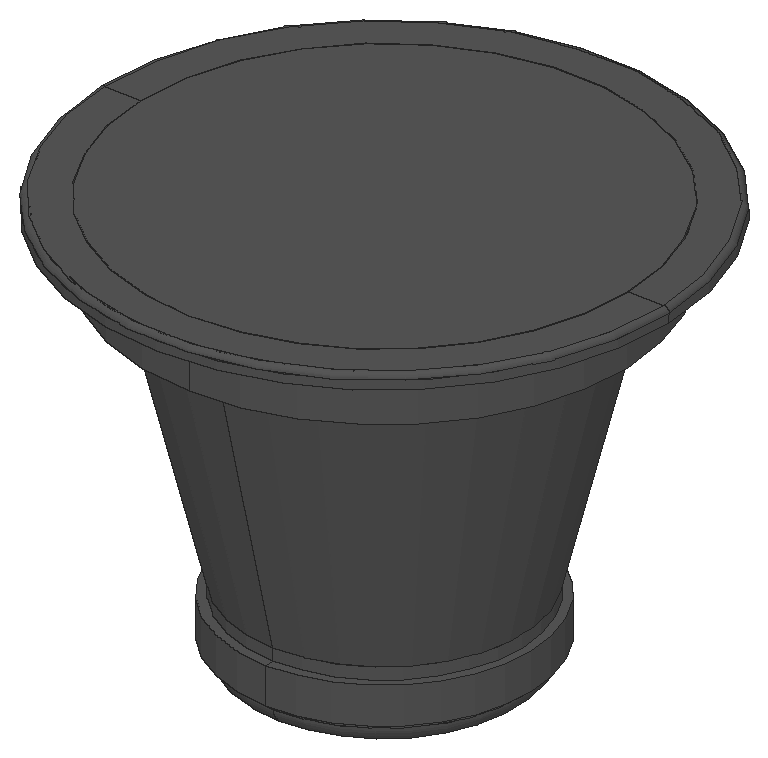
Revit family "Electronics_Commercial-Loudspeakers_Dual-Cone-Loudspeaker_CM3T", category Communication Devices, host Face, Revit 2020
Family settings
  Host = Face
  Maintain Annotation Orientation = No
  Round Connector Dimension = Use Diameter
  Part Type = Normal
  OmniClass Number = 23.85.10.11.14.14.14
  OmniClass Title = Loudspeakers
  Cut with Voids When Loaded = No
  Shared = No
  Room Calculation Point = No
Parameters (values of type "CM3T B")
  Grill Material = Biamp - Plastic - Black(Grid)
  Frequency response in Hz = "120 - 18K"  # constant formula
  Woofer size in inch = "3"  # constant formula
  Vertical dispersion angle 1000 Hz = "180°"  # constant formula
  Tweeter size in inch = "1"  # constant formula
  SPL 1W/1m in dB = "87"  # constant formula
  Max SPL 1m in dB = "99"  # constant formula
  Woofer cone material = "Coated paper"  # constant formula
  Weight = 0.771618 lbf  # constant formula
  URL = "https://www.biamp.com/"
  Product data url = "https://bimobject.com/biamp/product/cm3t_commercial-loudspeakers-ceiling"
  Product Page URL = "https://www.biamp.com/products/product-families/commercial-loudspeakers/ceiling-loudspeakers#cm3t"
  Product Documentation Link = "https://downloads.biamp.com/assets/docs/default-source/data-sheets/biamp_data_sheet_cm3t_aug20.pdf"
  Mounting system = "2 springs"  # constant formula
  Model = "CM3T B"
  Manufacturer = "Biamp"  # constant formula
  Main construction material = "Steel"  # constant formula
  Low impedance dynamic power in watts = "20"  # constant formula
  Low impedance RMS power in watts = "10"  # constant formula
  Loudspeaker system = "Dual cone"  # constant formula
  Installation grip range in mm = "1 - 15"  # constant formula
  Impedance in ohms = "16"  # constant formula
  IP rating = "50"  # constant formula
  Housing Material = Biamp - Plastic - Black
  Grille main material = "Aluminium"  # constant formula
  Diameter = 0' - 4.13386"  # constant formula
  Description = "CM3T 3 Dual Cone Loudspeaker, White"  # constant formula
  Depth = 0' - 2.91339"  # constant formula
  Default Elevation = 4' - 0"
  Cutout in mm = "85"  # constant formula
  Connector Description = "Terminal strip; Low impedance 16 ohms, 70/100V operation"  # constant formula
  Colour = "Black"
  Closest RAL colour (subject to deviations) = "RAL9010 (W) / RAL9011 (BL)"  # constant formula
  Applicable low impedance = "Yes"  # constant formula
  Applicable in 100V = "Yes"  # constant formula
  70V transformer power taps in = "6 - 3 - 1.5 - 0.75"  # constant formula
  100V transformer power taps in = "6 - 3 - 1.5"  # constant formula
Types (2): name | Grill Material | Model | Housing Material | Colour
  CM3T W | Biamp - Plastic - White(Grid) | "CM3T W" | Biamp - Plastic - White | "White"
  CM3T B | Biamp - Plastic - Black(Grid) | "CM3T B" | Biamp - Plastic - Black | "Black"
Reference planes (in)
  plane 1 "Center (Front/Back)": y = 0
  plane 2: z = 0
  plane 3 "Center (Left/Right)": x = 0
Forms (in)
  Extrusion 1, solid, material "Biamp - Plastic - Black" <- "Housing Material", detail levels coarse
    sketch origin (0, 0, 0) x (1, 0, 0) y (0, 1, 0)
      loop
        circle (0, 0) r 1.77165
    from -2.91339 to 0
  Extrusion 2, void
    sketch origin (0, 0, 0) x (1, 0, 0) y (0, 1, 0)
      loop
        circle (0, 0) r 1.77165
    from -2.91339 to 0
  Revolve 3, solid, material "Biamp - Plastic - Black" <- "Housing Material", detail levels medium+fine
    sketch origin (0, 0, 0) x (1, 0, 0) y (0, 0, 1)
      loop
        line (0, 0) -> (0, 0.10089) -> (-2.02847, 0.10089)
        arc (-2.02847, 0.10089) -> (-2.05566, 0.08962) -> (-2.06693, 0.06243) r 0.03846
        line (-2.06693, 0.06243) -> (-2.06693, 0) -> (0, 0)
      axis (0, 0) -> (0, 0.10089)
    angle from 0 to 360
  Revolve 4, solid, material "Biamp - Plastic - Black" <- "Housing Material", detail levels medium+fine
    sketch origin (0, 0, 0) x (0, 1, 0) y (0, 0, 1)
      loop
        line (0, 0) -> (-1.76905, 0) -> (-1.76905, -0.3937) -> (-1.50804, -0.3937) -> (-1.008, -2.39708) -> (-1.008, -2.48251) -> (-1.07276, -2.48251) -> (-1.07276, -2.74557) -> (-1.00434, -2.74557) -> (-1.00434, -2.7991)
        arc (-1.00434, -2.7991) -> (-0.97087, -2.87991) -> (-0.89006, -2.91339) r 0.11428
        line (-0.89006, -2.91339) -> (0, -2.91339) -> (0, 0)
      axis (0, 0) -> (0, -2.91339)
    angle from 0 to 360
  Extrusion 5, void
    sketch origin (0, 0.7997, 0) x (1, 0, 0) y (0, 1, 0)
      loop
        circle (0, -0.93002) r 0.31045
    from -2.99648 to -2.88145
  Revolve 6, solid, material "Biamp - Plastic - Black" <- "Housing Material", detail levels coarse
    sketch origin (0, 0, 0) x (1, 0, 0) y (0, 0, 1)
      loop
        line (0, 0) -> (0, 0.10089) -> (-2.02847, 0.10089)
        arc (-2.02847, 0.10089) -> (-2.05566, 0.08962) -> (-2.06693, 0.06243) r 0.03846
        line (-2.06693, 0.06243) -> (-2.06693, 0) -> (0, 0)
      axis (0, 0) -> (0, 0.10089)
    angle from 0 to 360
  Extrusion 7, void
    sketch origin (0, 0, 0) x (1, 0, 0) y (0, 1, 0)
      loop
        circle (0, 0) r 1.77165
    from 0 to 0.38008
  Extrusion 8, solid, material "Biamp - Plastic - Black(Grid)" <- "Grill Material", detail levels medium+fine
    sketch origin (0, 0, 0) x (1, 0, 0) y (0, 1, 0)
      loop
        circle (0, 0) r 1.77165
    from 0 to 0.10089
Cuts and joins
  Extrusion 5, Extrusion 7 cuts Extrusion 1
  Extrusion 5, Extrusion 7 cuts Revolve 3
  Extrusion 5, Extrusion 7 cuts Revolve 4
Lines and regions (in)
  Masking region 1
    outline origin (0, 0, 0) x (1, 0, 0) y (0, 1, 0)
      loop
        circle (0, 0) r 2.06693
  Masking region 2
    outline origin (0, 0, 0) x (1, 0, 0) y (0, 1, 0)
      loop
        circle (0, 0) r 1.76905
  Masking region 3
    outline origin (0, 0, 0) x (1, 0, 0) y (0, 0, 1)
      loop
        line (-1.76905, 0) -> (-1.76905, -2.91339) -> (1.77165, -2.91339) -> (1.77165, 0) -> (-1.76905, 0)
  Masking region 4
    outline origin (0, 0, 0) x (1, 0, 0) y (0, 0, 1)
      loop
        line (-2.06693, 0) -> (2.06693, 0) -> (2.06693, 0.06662)
        arc (2.06693, 0.06662) -> (2.05689, 0.09085) -> (2.03266, 0.10089) r 0.03427
        line (2.03266, 0.10089) -> (-2.03266, 0.10089)
        arc (-2.03266, 0.10089) -> (-2.05689, 0.09085) -> (-2.06693, 0.06662) r 0.03427
        line (-2.06693, 0.06662) -> (-2.06693, 0)
Dimensions and locks (in)
  aligned and locked: plane 2 to host face
  aligned and locked: level to host face
Connectors (in)
  electrical at (0, -0.13032, -2.88145), driven by "Connector Description"
    settings: on cut or joined group of Extrusion 1, Extrusion 5, Extrusion 7, index 1, voltage 0 V, apparent load 0 VA, apparent load phase1 0 VA, apparent load phase2 0 VA, apparent load phase3 0 VA, power factor 1, load classification "Other", number of poles 1, system type 5, power factor state 1, is connector primary yes, connector utility no, sub classification motor no, connector description "Terminal strip; Low impedance 16 ohms, 70/100V operation"
